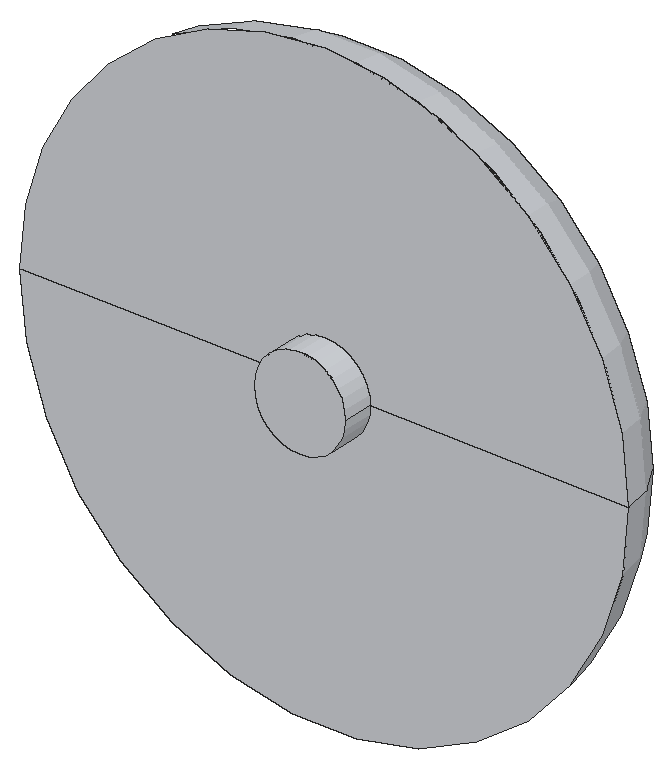
Revit family "LE_W_RU_Leuchte_V1700", category Leuchten, Revit 2017
Family settings
  Bemaßung runder Anschluss = Durchmesser verwenden
  Teiletyp = Normal
  OmniClass-Nummer = 23.80.70.14
  OmniClass-Titel = Luminaries for External Lighting
  Arbeitsebenenbasiert = Ja
  Immer vertikal = Ja
  Beim Laden mit Abzugskörper schneiden = Nein
  Lichtquelle = Ja
  Gemeinsam genutzt = Nein
  Raumberechnungspunkt = Nein
Parameters (values of type "Wandleuchte")
  pbr_Material_KZ = ""
  pbr_Material = none
  pbr_E_Typ = ""
  pbr_E_KZ = ""
  pbr_DINBild = 0
  pbr_Bild = 0
  cpiFitMatchKey [instance] = "E-WL-18-5"
  Zentrale [instance] = ""
  built-in parameter 1150104 = 13.8 (stored number, unit not read)
  Wirkleistung [instance] = 0 W
  Wattage = 9.2903 W
  Default Elevation = 1219.2 mm
  Emit from Circle Diameter = 609.6 mm
  built-in parameter 1150113 = 1 (stored number, unit not read)
  built-in parameter 1114218 = 1 (stored number, unit not read)
  Typ = ""
  Tiefe = 100 mm
  Text3 = ""
  Text2 = ""
  Text1 = ""
  built-in parameter 1150134 = 3
  built-in parameter 1150109 = 1 (stored number, unit not read)
  Symboltiefe = 200 mm
  Symbolbreite = 300 mm
  built-in parameter 1150110 = 1 (stored number, unit not read)
  Spannung = 230 V  # constant formula
  Scheinleistung [instance] = 0 VA
  Scheinlast = 0 VA
  Schaltgruppe2 [instance] = 0
  Schaltgruppe1 [instance] = 0
  Radius_Leerrohr = 50 mm
  Poligkeit = 1
  Planungsbüro Rohling = "www.pbr.de"
  Menge(Dosenzahl) = 1
  Linie/Anschluss [instance] = ""
  built-in parameter 1114217 = 1 (stored number, unit not read)
  built-in parameter 1150139 = (empty or 0)
  built-in parameter 1150105 = 439.27 (stored number, unit not read)
  built-in parameter 1150114 = 1 (stored number, unit not read)
  Lumens = 1380 lm
  built-in parameter 1150115 = 1 (stored number, unit not read)
  Lastklassifizierung = Beleuchtung
  Lampentyp [instance] = ""
  built-in parameter 1150112 = 1 (stored number, unit not read)
  Lampe = "Wandleuchte"
  Kommentar zur Wattzahl [instance] = ""
  Installationsart [instance] = ""
  Info = ""
  IFC = ""
  HalbD [instance] = Durchmesser / 2  # 200 mm
  Größe des Lichtquellensymbols = 609.6 mm
  Gewerk [instance] = "BEL"
  Dimming Lamp Color Temperature Shift = (empty or 0)
  Color Filter = 16777215
  built-in parameter 1150133 = 10 (stored number, unit not read)
  Emit Shape Visible in Rendering = no
  built-in parameter 1150137 = (empty or 0)
  built-in parameter 1150132 = (empty or 0)
  Durchmesser = 400 mm
  built-in parameter 1150106 = 4.3927 (stored number, unit not read)
  Anschlussdosentiefe = 20 mm
  Anschlussbuchsenradius = 30 mm
  built-in parameter 1150107 = 3200 (stored number, unit not read)
  built-in parameter 1150102 = (empty or 0)
  built-in parameter 1150138 = (empty or 0)
Reference planes
  plane 1 "Mitte (Vorne/Hinten)": y = 0
  plane 2: z = 0
  plane 3 "Mitte (Links/Rechts)": x = 0
  plane 4 "Lampe unten": z = -100
  plane 5: y = 120
  plane 6: y = 20
  plane 7: x = -200
  plane 8: x = 200
  plane 9: z = 100
  plane 10 "Symbollinks": x = -300
  plane 11: x = 300
Forms (mm)
  Sweep 1, solid, detail levels medium+fine
    path origin (0, 0, 0) x (1, 0, 0) y (0, 1, 0)
      loop
        line (0, 0) -> (0, 20)
    profile origin (0, 10, 0) x (-1, 0, 0) y (0, 0, 1)
      loop
        circle (0, 0) r 30
  Revolve 2, solid
    sketch origin (0, 0, 0) x (1, 0, 0) y (0, 1, 0)
      loop
        line (0, 20) -> (200, 20)
        spline (200, 20) -> (198.289, 33.063) -> (193.185, 45.902) -> (184.776, 58.297) -> (173.205, 70.038) -> (158.671, 80.923) -> (141.421, 90.765) -> (121.752, 99.396) -> (100, 106.669) -> (76.537, 112.458) -> (51.764, 116.666) -> (26.105, 119.22) -> (0, 120.076)
        line (0, 120.076) -> (0, 20)
      axis (0, 20) -> (0, 120.076)
    angle from 0 to 360
Lines and regions (mm)
  reference lines
    curve 1: line (0, 0, 1407.319) -> (0, 0, 1447.319)
Dimensions and locks
  level to plane 4 "Lampe unten" = 100 mm
  "Anschlussdosentiefe": plane 6 to plane 1 "Mitte (Vorne/Hinten)"
  "Tiefe": plane 5 to plane 6
  equal spacing: plane 7, plane 3 "Mitte (Links/Rechts)", plane 8
  "HalbD": plane 7 to plane 3 "Mitte (Links/Rechts)"
  equal spacing: plane 9, level, plane 4 "Lampe unten"
  "Symbolbreite": plane 10 "Symbollinks" to plane 3 "Mitte (Links/Rechts)"
  equal spacing: plane 10 "Symbollinks", plane 3 "Mitte (Links/Rechts)", plane 11
  "Anschlussbuchsenradius": radius of Sweep 1 sketch curve
  aligned and locked: level to plane 2
  aligned and locked: level to imposter light
  aligned and locked: imposter light to plane 5
  aligned and locked: Revolve 2 sketch curve to plane 6
  aligned and locked: plane 8 to Revolve 2 sketch curve
Automatic sketch dimensions
  curve 1 to plane 3 "Mitte (Links/Rechts)" = 0 mm
  level to curve 1 = 1407.319 mm
  curve 1 to curve 1 = 40 mm
  Sweep 1 sketch curve to plane 3 "Mitte (Links/Rechts)" = 0 mm
  plane 1 "Mitte (Vorne/Hinten)" to Sweep 1 sketch curve = 0 mm
  Sweep 1 sketch curve to plane 6 = 0 mm
  Revolve 2 sketch curve to plane 3 "Mitte (Links/Rechts)" = 0 mm  (x2)
  plane 5 to Revolve 2 sketch curve = 0.076 mm
  plane 3 "Mitte (Links/Rechts)" to Revolve 2 sketch curve = 0 mm
  Revolve 2 sketch curve to plane 1 "Mitte (Vorne/Hinten)" = 17.849 mm
  Revolve 2 sketch curve to Revolve 2 sketch curve = 17.772 mm
  Sweep 1 sketch curve to level = 0 mm
  Sweep 1 sketch curve to profile plane = 0 mm
Nested families
  nested 1: "Wandleuchte" at (0, 0, 0), type "Wandleuchte"
Connectors
  electrical at (0, 0, 0), driven by "Spannung"
    settings: on Sweep 1, index 1, voltage 230 V, apparent load 0 VA, apparent load phase1 18 VA, apparent load phase2 0 VA, apparent load phase3 0 VA, power factor 1, load classification "Beleuchtung", number of poles 1, system type 30, power factor state 1, is connector primary yes, connector utility no, sub classification motor no, connector description ""
  cabletrayconduit at (0, 0, 0), diameter 50, driven by "Radius_Leerrohr"
    settings: on Sweep 1, index 2, connector width 300 mm, connector height 300 mm, connector angle 0.00°, system type 32, placement type 0, profile type 0, connector reference index -1, is primary connector yes, connector utility param no, connector description ""
Definition of nested family "Wandleuchte"
  Reference planes
    plane 1 "Mitte (Vorne/Hinten)": y = 0
    plane 2: z = 0
    plane 3 "Mitte (Links/Rechts)": x = 0
  Lines and regions (mm)
    Filled region 1, type "Beton", in view "Referenzebene"
      outline origin (0, 0.82, 0) x (1, 0, 0) y (0, 1, 0)
        loop
          line (-149.958, -0.813) -> (150.042, -0.813)
          arc (150.042, -0.813) -> (0.042, 149.187) -> (-149.958, -0.813) r 150
    detail lines, in view "Referenzebene"
      curve 1: line (-106.024, 105.253, 0) -> (0.042, -0.813, 0)
      curve 2: line (0.042, -0.813, 0) -> (106.108, 105.253, 0)
      curve 3: line (165.042, 0.007, 0) -> (-164.958, 0.007, 0)
